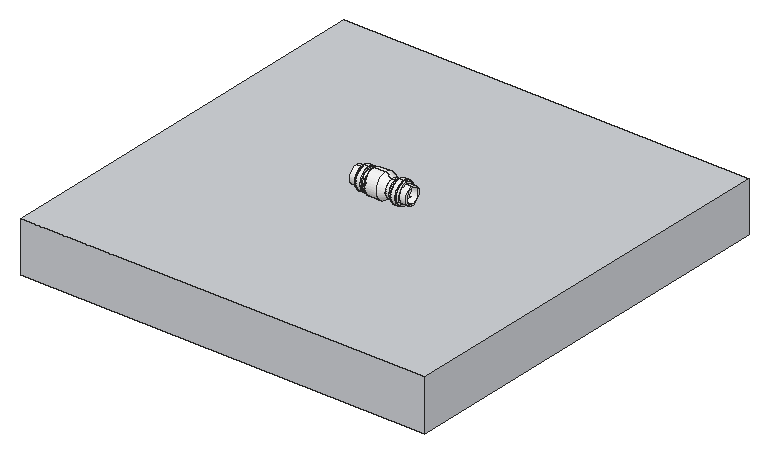
Revit family
Parameters (values of type "2803-030-000")
  Waste Connection = yes
  WFU = 0
  Vent Connection = no
  URL = "http://www.acornvac.com/"
  Type Comments = ""
  Phone# = "626-336-4561"
  Model = "2803-030-000"
  Material = PVC-Acorn-Clear
  Manufacturer = "AcornVac, Inc."
  HWFU = 0
  HW Connection = no
  Designed By = "Allied Technical Services"  # constant formula
  Description = "3\" True Union Swing Check Valve"
  Default Elevation = 0"
  Creation Date = "08/04/2015"  # constant formula
  CWFU = 0
  CW Connection = no
  Assembly Code = "D2030400"
Reference planes (in)
  plane 1 "Center (Front/Back)": y = 0
  plane 2: z = 0
  plane 3 "Center (Left/Right)": x = 0
  plane 4: z = 5.75
  plane 5: x = 6.625
  plane 6: x = -6.625
  plane 7: z = 2.875
Forms (in)
  Extrusion 1, solid
    sketch origin (0, 0, 0) x (1, 0, 0) y (0, 1, 0)
      loop
        line (-48, 48) -> (-48, -48) -> (48, -48) -> (48, 48) -> (-48, 48)
    from 0 to -12
  Revolve 2, solid, material "PVC-Acorn-Clear" <- "Material"
    sketch origin (0, 0, 0) x (1, 0, 0) y (0, 0, 1)
      loop
        line (-6.625, 1.125) -> (-6.625, 0.875) -> (-5.125, 0.875) -> (-5.125, 0.62932)
        arc (-5.125, 0.62932) -> (-5.0579, 0.44496) -> (-4.88799, 0.34687) r 0.28681
        line (-4.88799, 0.34687) -> (-4.69309, 0.3125) -> (-4.69309, 0.28125)
        arc (-4.69309, 0.28125) -> (-4.68394, 0.25915) -> (-4.66184, 0.25) r 0.03125
        line (-4.66184, 0.25) -> (-3.65625, 0.25)
        arc (-3.65625, 0.25) -> (-3.63415, 0.25915) -> (-3.625, 0.28125) r 0.03125
        line (-3.625, 0.28125) -> (-3.625, 0.5) -> (-3.53281, 0.5) -> (-3.53281, 0.62649) -> (-2.97031, 0.62649)
        arc (-2.97031, 0.62649) -> (-2.92611, 0.6448) -> (-2.90781, 0.68899) r 0.0625
        line (-2.90781, 0.68899) -> (-2.90781, 0.75149)
        arc (-2.90781, 0.75149) -> (-2.8895, 0.79569) -> (-2.84531, 0.81399) r 0.0625
        line (-2.84531, 0.81399) -> (-2.66734, 0.81399)
        arc (-2.66734, 0.81399) -> (-2.62314, 0.79569) -> (-2.60484, 0.75149) r 0.0625
        line (-2.60484, 0.75149) -> (-2.60484, 0.28436)
        arc (-2.60484, 0.28436) -> (-2.52155, 0.08329) -> (-2.32048, 0) r 0.28436
        line (-2.32048, 0) -> (0.39516, 0) -> (1.89404, 0.79697) -> (2.89404, 0.79697) -> (2.89404, 0.68899)
        arc (2.89404, 0.68899) -> (2.91235, 0.6448) -> (2.95654, 0.62649) r 0.0625
        line (2.95654, 0.62649) -> (3.53281, 0.62649) -> (3.53281, 0.5) -> (3.625, 0.5) -> (3.625, 0.28125)
        arc (3.625, 0.28125) -> (3.63415, 0.25915) -> (3.65625, 0.25) r 0.03125
        line (3.65625, 0.25) -> (4.66184, 0.25)
        arc (4.66184, 0.25) -> (4.68394, 0.25915) -> (4.69309, 0.28125) r 0.03125
        line (4.69309, 0.28125) -> (4.69309, 0.3125) -> (4.88799, 0.34687)
        arc (4.88799, 0.34687) -> (5.0579, 0.44496) -> (5.125, 0.62932) r 0.28681
        line (5.125, 0.62932) -> (5.125, 0.875) -> (6.625, 0.875) -> (6.625, 1.125) -> (4.875, 1.125) -> (4.875, 2.875) -> (-4.875, 2.875) -> (-4.875, 1.125) -> (-6.625, 1.125)
      axis (-6.625, 2.875) -> (6.625, 2.875)
    angle from 0 to 360
Lines and regions (in)
  symbolic lines
    curve 1: line (-1.52256, 0, 3.0181) -> (-1.52256, 0, 2.7319)
    curve 2: line (-1.52256, 0, 2.875) -> (-1.42074, 0, 2.875)
    curve 3: line (-1.52256, 0, 3.0181) -> (-1.34919, 0, 3.0181)
    curve 4: line (-1.29966, 0, 3.02085) -> (-1.29966, 0, 2.7319)
    curve 5: line (-1.29966, 0, 2.7319) -> (-1.1428, 0, 2.7319)
    curve 6: spline (-0.98043, 0, 3.0181) -> (-0.95265, 0, 3.01322) -> (-0.92677, 0, 2.99893) -> (-0.90454, 0, 2.97619) -> (-0.88748, 0, 2.94655) -> (-0.87676, 0, 2.91204) -> (-0.87311, 0, 2.875) -> (-0.87676, 0, 2.83796) -> (-0.88748, 0, 2.80345) -> (-0.90454, 0, 2.77381) -> (-0.92677, 0, 2.75107) -> (-0.95265, 0, 2.73678) -> (-0.98043, 0, 2.7319) -> (-1.00821, 0, 2.73678) -> (-1.03409, 0, 2.75107) -> (-1.05632, 0, 2.77381) -> (-1.07338, 0, 2.80345) -> (-1.0841, 0, 2.83796) -> (-1.08776, 0, 2.875) -> (-1.0841, 0, 2.91204) -> (-1.07338, 0, 2.94655) -> (-1.05632, 0, 2.97619) -> (-1.03409, 0, 2.99893) -> (-1.00821, 0, 3.01322) -> (-0.98043, 0, 3.0181)
    curve 7: line (-0.79966, 0, 3.02085) -> (-0.73295, 0, 2.7319)
    curve 8: line (-0.73295, 0, 2.7319) -> (-0.68199, 0, 3.02085)
    curve 9: line (-0.56433, 0, 3.02085) -> (-0.63104, 0, 2.7319)
    curve 10: line (-0.63104, 0, 2.7319) -> (-0.68199, 0, 3.02085)
    curve 11: line (-0.364, 0, 2.92178) -> (-0.364, 0, 2.82822)
    curve 12: line (-0.364, 0, 2.82822) -> (-0.14109, 0, 2.82822)
    curve 13: line (-0.14109, 0, 2.82822) -> (-0.14109, 0, 2.7374)
    curve 14: line (0.22238, 0, 2.875) -> (-0.14109, 0, 2.7374)
    curve 15: line (-0.364, 0, 2.92178) -> (-0.14109, 0, 2.92178)
    curve 16: line (-0.14109, 0, 2.92178) -> (-0.14109, 0, 3.0126)
    curve 17: line (0.22238, 0, 2.875) -> (-0.14109, 0, 3.0126)
Dimensions and locks (in)
  plane 6 to plane 5 = 13 1/4"
  plane 4 to Extrusion 1 = 5 3/4"
  aligned and locked: plane 2 to Extrusion 1
  aligned and locked: level to Extrusion 1
Connectors (in)
  piping at (6.625, 0, 2.875)
    settings: on Revolve 2, index 1
  piping at (-6.625, 0, 2.875)
    settings: on Revolve 2, index 2
